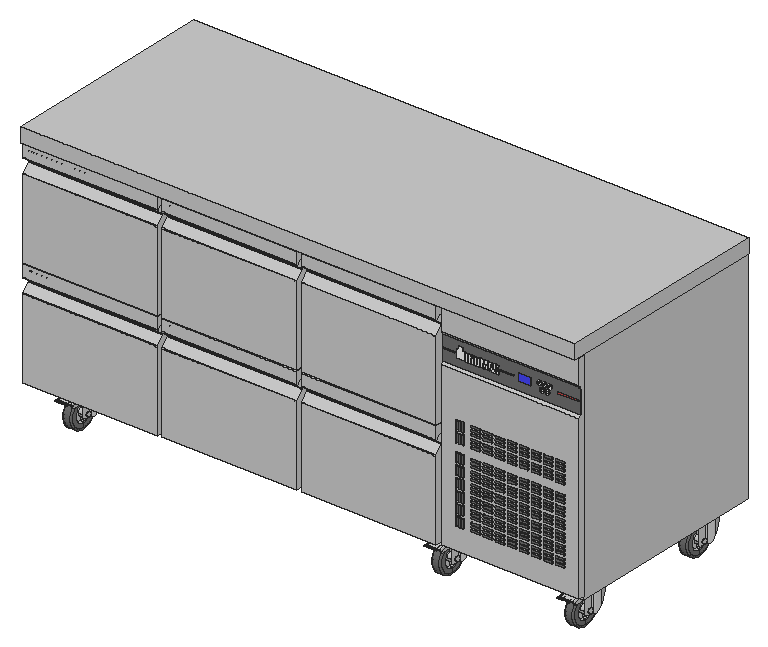
Revit family "QF_INOMAK_PNRP999_250513020157", category Specialty Equipment, Revit 2021 (continued)
Definition of nested family "QF_INOMAK_REF_COUNTERS_DOORS_DRAWERS_16448"
  Definition of nested family "4_Drawers_1-4"
    Forms (mm)
      Extrusion 1, solid, material <- "Finish", visible <- "4 Drawers"
        sketch origin (35, 0, -1) x (0, -1, 0) y (0, 0, 1)
          loop
            arc (690, 1037) -> (687.071, 1044.071) -> (680, 1047) r 10
        from 0 to -1130
      Extrusion 2, solid, visible <- "4 Drawers", detail levels coarse
        sketch origin (0, -640.463, 826.083) x (0, 1, 0) y (-1, 0, 0)
          loop
            line (-49.537, -35) -> (-624.537, -35) -> (-624.537, -1165) -> (-49.537, -1165) -> (-49.537, -35)
        from 0 to 219.917
      Extrusion 3, solid, visible <- "4 Drawers", detail levels coarse
        sketch origin (0, -700, 154) x (-1, 0, 0) y (0, 1, 0)
          loop
            line (-35, 10) -> (-1165, 10) -> (-1165, -565) -> (-35, -565) -> (-35, 10)
        from 0 to -219.583
      Extrusion 4, solid, material <- "Finish", visible <- "4 Drawers"
        sketch origin (35, 0, -440.333) x (0, -1, 0) y (0, 0, 1)
          loop
            line (680, 813.917) -> (670, 813.917) -> (670, 594.333) -> (690, 594.333) -> (690, 757.761)
            arc (690, 757.761) -> (689.115, 763.644) -> (686.539, 769.007) r 20
            line (686.539, 769.007) -> (673, 788.917) -> (673, 810.917) -> (680, 810.917)
            arc (680, 810.917) -> (684.95, 808.866) -> (687, 803.917) r 7
            line (687, 803.917) -> (687, 798.904) -> (690, 798.904) -> (690, 803.917)
            arc (690, 803.917) -> (687.071, 810.988) -> (680, 813.917) r 10
        from 0 to -1130
      Extrusion 5, solid, material <- "Finish", visible <- "4 Drawers"
        sketch origin (35, 0, -165.333) x (0, -1, 0) y (0, 0, 1)
          loop
            line (680, 987.75) -> (670, 987.75) -> (670, 767.167) -> (690, 767.167) -> (690, 931.594)
            arc (690, 931.594) -> (689.115, 937.478) -> (686.539, 942.84) r 20
            line (686.539, 942.84) -> (673, 962.75) -> (673, 984.75) -> (680, 984.75)
            arc (680, 984.75) -> (684.95, 982.7) -> (687, 977.75) r 7
            line (687, 977.75) -> (687, 972.738) -> (690, 972.738) -> (690, 977.75)
            arc (690, 977.75) -> (687.071, 984.821) -> (680, 987.75) r 10
        from 0 to -1130
      Extrusion 6, solid, material <- "Finish", visible <- "4 Drawers"
        sketch origin (35, 0, -330.333) x (0, -1, 0) y (0, 0, 1)
          loop
            line (680, 928.5) -> (670, 928.5) -> (670, 708.25) -> (690, 708.25) -> (690, 872.344)
            arc (690, 872.344) -> (689.115, 878.228) -> (686.539, 883.59) r 20
            line (686.539, 883.59) -> (673, 903.5) -> (673, 925.5) -> (680, 925.5)
            arc (680, 925.5) -> (684.95, 923.45) -> (687, 918.5) r 7
            line (687, 918.5) -> (687, 913.488) -> (690, 913.488) -> (690, 918.5)
            arc (690, 918.5) -> (687.071, 925.571) -> (680, 928.5) r 10
        from 0 to -1130
      Extrusion 7, solid, visible <- "4 Drawers", detail levels coarse
        sketch origin (0, -500.463, 601.833) x (0, 1, 0) y (-1, 0, 0)
          loop
            line (-189.537, -35) -> (-764.537, -35) -> (-764.537, -1165) -> (-189.537, -1165) -> (-189.537, -35)
        from 0 to 220.583
      Extrusion 8, solid, visible <- "4 Drawers", detail levels coarse
        sketch origin (0, -540.463, 377.917) x (0, 1, 0) y (-1, 0, 0)
          loop
            line (-149.537, -35) -> (-724.537, -35) -> (-724.537, -1165) -> (-149.537, -1165) -> (-149.537, -35)
        from 0 to 220.25
    Lines and regions (mm)
      symbolic lines, visible <- "4 Drawers"
        curve 1: line (35, -945, 900) -> (35, -985, 900)
        curve 2: line (35, -985, 900) -> (1165, -985, 900)
        curve 3: line (1165, -985, 900) -> (1165, -945, 900)
        curve 4: line (1165, -945, 900) -> (35, -945, 900)
        curve 5: line (1135, -945, 900) -> (1135, -845, 900)
        curve 6: line (65, -945, 900) -> (65, -845, 900)
        curve 7: line (35, -1085, 900) -> (35, -1125, 900)
        curve 8: line (35, -1125, 900) -> (1165, -1125, 900)
        curve 9: line (1165, -1125, 900) -> (1165, -1085, 900)
        curve 10: line (1165, -1085, 900) -> (35, -1085, 900)
        curve 11: line (1135, -1085, 900) -> (1135, -985, 900)
        curve 12: line (65, -1085, 900) -> (65, -985, 900)
        curve 13: line (35, -1225, 900) -> (35, -1265, 900)
        curve 14: line (35, -1265, 900) -> (1165, -1265, 900)
        curve 15: line (1165, -1265, 900) -> (1165, -1225, 900)
        curve 16: line (1165, -1225, 900) -> (35, -1225, 900)
        curve 17: line (1135, -1225, 900) -> (1135, -1125, 900)
        curve 18: line (65, -1225, 900) -> (65, -1125, 900)
        curve 19: line (35, -805, 900) -> (35, -845, 900)
        curve 20: line (35, -845, 900) -> (1165, -845, 900)
        curve 21: line (1165, -845, 900) -> (1165, -805, 900)
        curve 22: line (1165, -805, 900) -> (35, -805, 900)
        curve 23: line (65, -805, 900) -> (65, -700, 900)
        curve 24: line (1135, -805, 900) -> (1135, -700, 900)
    Dimensions and locks
      "Length Actual": plane 3 "Left" to plane 4 "Right"
      "Depth Actual": plane 5 "Front" to plane 1 "Back"
      "Height Actual": plane 6 "Top" to plane 8 "Legs top"
      "Front inset": plane 7 "Front legs" to plane 5 "Front"
      "Plinth height": plane 8 "Legs top" to plane 2
      "Rear inset": plane 9 "Backsplash thickness" to plane 1 "Back"
      "Right panel thickness": plane 11 "Right panel" to plane 4 "Right"
      "Left panel thickness": plane 3 "Left" to plane 10 "Left panel"
      locked: plane 14 to plane 15 at 3.667
      equal spacing: plane 14, plane 12, plane 15
      locked: plane 23 to plane 24 at 3.667
      equal spacing: plane 23, plane 22, plane 24
      "Bottom inset": plane 20 to plane 8 "Legs top"
      equal spacing: plane 19, plane 17, plane 18
      locked: plane 19 to plane 18 at 4.333
      equal spacing: plane 21, plane 17, plane 22, plane 12, plane 16
      locked: plane 13 to plane 16 at 2.5
      "Top inset": plane 13 to plane 6 "Top"
      locked: plane 21 to plane 20 at 2.5
      aligned and locked: level to plane 2
      aligned and locked: plane 7 "Front legs" to Extrusion 1 sketch curve  (x2)
      aligned and locked: Extrusion 1 to plane 11 "Right panel"
      aligned and locked: Extrusion 1 sketch curve to plane 13
      aligned and locked: Extrusion 1 sketch curve to plane 14
      aligned and locked: plane 10 "Left panel" to curve 1
      aligned and locked: plane 10 "Left panel" to curve 7
      aligned and locked: plane 10 "Left panel" to curve 13
      aligned and locked: Extrusion 2 sketch curve to plane 10 "Left panel"
      aligned and locked: plane 11 "Right panel" to Extrusion 2 sketch curve
      aligned and locked: Extrusion 3 sketch curve to plane 10 "Left panel"
      aligned and locked: plane 11 "Right panel" to Extrusion 3 sketch curve
      aligned and locked: Extrusion 2 to plane 13
      aligned and locked: Extrusion 3 to plane 19
      aligned and locked: plane 20 to Extrusion 4 sketch curve
      aligned and locked: Extrusion 4 to plane 11 "Right panel"
      aligned and locked: Extrusion 5 sketch curve to plane 15
      aligned and locked: plane 7 "Front legs" to Extrusion 5 sketch curve
      aligned and locked: Extrusion 5 sketch curve to plane 23
      aligned and locked: Extrusion 6 sketch curve to plane 24
      aligned and locked: plane 7 "Front legs" to Extrusion 6 sketch curve
      aligned and locked: Extrusion 6 sketch curve to plane 18
      aligned and locked: Extrusion 7 to plane 15
      aligned and locked: Extrusion 8 to plane 24
      aligned and locked: Extrusion 5 to plane 11 "Right panel"
      aligned and locked: Extrusion 6 to plane 11 "Right panel"
    Automatic sketch dimensions
      Extrusion 1 sketch curve to Extrusion 1 sketch curve = 0 mm  (x2)
      plane 7 "Front legs" to Extrusion 1 sketch curve = 3 mm
      plane 7 "Front legs" to Extrusion 1 sketch curve = 3.461 mm
      plane 7 "Front legs" to Extrusion 1 sketch curve = 10 mm
      Extrusion 1 sketch curve to Extrusion 1 sketch curve = 7 mm
      plane 7 "Front legs" to Extrusion 1 sketch curve = 20 mm  (x2)
      Extrusion 1 sketch curve to Extrusion 1 sketch curve = 46.156 mm
      Extrusion 1 sketch curve to Extrusion 1 sketch curve = 15 mm
      Extrusion 1 sketch curve to Extrusion 1 sketch curve = 5.012 mm
      Extrusion 2 sketch curve to plane 7 "Front legs" = 0 mm
      Extrusion 2 sketch curve to plane 5 "Front" = 565 mm
      Extrusion 3 sketch curve to plane 7 "Front legs" = 0 mm
      Extrusion 3 sketch curve to plane 5 "Front" = 565 mm
      Extrusion 5 sketch curve to Extrusion 5 sketch curve = 0 mm  (x2)
      Extrusion 5 sketch curve to plane 7 "Front legs" = 0 mm
      plane 7 "Front legs" to Extrusion 5 sketch curve = 3 mm
      plane 7 "Front legs" to Extrusion 5 sketch curve = 3.461 mm
      plane 7 "Front legs" to Extrusion 5 sketch curve = 10 mm
      Extrusion 5 sketch curve to Extrusion 5 sketch curve = 7 mm
      plane 7 "Front legs" to Extrusion 5 sketch curve = 20 mm  (x2)
      Extrusion 5 sketch curve to Extrusion 5 sketch curve = 46.156 mm
      Extrusion 5 sketch curve to Extrusion 5 sketch curve = 15 mm
      Extrusion 5 sketch curve to Extrusion 5 sketch curve = 5.012 mm
      Extrusion 6 sketch curve to Extrusion 6 sketch curve = 0 mm  (x2)
      Extrusion 6 sketch curve to plane 7 "Front legs" = 0 mm
      plane 7 "Front legs" to Extrusion 6 sketch curve = 3 mm
      plane 7 "Front legs" to Extrusion 6 sketch curve = 3.461 mm
      plane 7 "Front legs" to Extrusion 6 sketch curve = 10 mm
      Extrusion 6 sketch curve to Extrusion 6 sketch curve = 7 mm
      plane 7 "Front legs" to Extrusion 6 sketch curve = 20 mm  (x2)
      Extrusion 6 sketch curve to Extrusion 6 sketch curve = 46.156 mm
      Extrusion 6 sketch curve to Extrusion 6 sketch curve = 15 mm
      Extrusion 6 sketch curve to Extrusion 6 sketch curve = 5.012 mm
      curve 14 to plane 11 "Right panel" = 0 mm
      curve 8 to plane 11 "Right panel" = 0 mm
      curve 2 to plane 11 "Right panel" = 0 mm
      curve 21 to plane 11 "Right panel" = 0 mm
      curve 20 to plane 10 "Left panel" = 0 mm
      curve 23 to plane 5 "Front" = 0 mm
      curve 24 to plane 5 "Front" = 0 mm
      curve 21 to plane 5 "Front" = 105 mm
      curve 20 to curve 21 = 40 mm
      curve 3 to curve 20 = 100 mm
      curve 3 to curve 3 = 40 mm
      curve 10 to curve 1 = 100 mm
      curve 9 to curve 9 = 40 mm
      curve 15 to curve 8 = 100 mm
      curve 15 to curve 15 = 40 mm
      plane 11 "Right panel" to curve 24 = 30 mm
      curve 8 to curve 17 = 30 mm
      curve 11 to curve 17 = 0 mm
      curve 23 to plane 10 "Left panel" = 30 mm
      curve 12 to curve 6 = 0 mm
      curve 18 to curve 12 = 0 mm
      Extrusion 4 sketch curve to Extrusion 4 sketch curve = 0 mm  (x2)
      plane 19 to Extrusion 4 sketch curve = 0 mm
      Extrusion 4 sketch curve to plane 7 "Front legs" = 0 mm  (x2)
      plane 7 "Front legs" to Extrusion 4 sketch curve = 3 mm
      plane 7 "Front legs" to Extrusion 4 sketch curve = 3.461 mm
      plane 7 "Front legs" to Extrusion 4 sketch curve = 10 mm
      Extrusion 4 sketch curve to Extrusion 4 sketch curve = 7 mm
      plane 7 "Front legs" to Extrusion 4 sketch curve = 20 mm  (x2)
      Extrusion 4 sketch curve to Extrusion 4 sketch curve = 46.156 mm
      Extrusion 4 sketch curve to Extrusion 4 sketch curve = 15 mm
      Extrusion 4 sketch curve to Extrusion 4 sketch curve = 5.012 mm
      Extrusion 7 sketch curve to plane 10 "Left panel" = 0 mm
      Extrusion 7 sketch curve to plane 11 "Right panel" = 0 mm
      Extrusion 7 sketch curve to plane 7 "Front legs" = 0 mm
      Extrusion 7 sketch curve to plane 5 "Front" = 565 mm
      Extrusion 8 sketch curve to plane 10 "Left panel" = 0 mm
      Extrusion 8 sketch curve to plane 11 "Right panel" = 0 mm
      Extrusion 8 sketch curve to plane 7 "Front legs" = 0 mm
      Extrusion 8 sketch curve to plane 5 "Front" = 565 mm
      curve 6 to plane 10 "Left panel" = 30 mm
      curve 5 to curve 24 = 0 mm
  Definition of nested family "Hinged_Doors"
    Parameters (values of type "Hinged doors")
      URL = "www.specifiglobal.com"
      Top inset [instance] = 4 mm
      Right panel thickness [instance] = 35 mm
      Rear inset [instance] = 10 mm
      Plinth height [instance] = 150 mm
      Model = ""
      Manufacturer = "DEMO CONSULTANT"
      Length Actual [instance] = 1200 mm
      Left panel thickness [instance] = 35 mm
      Hinged doors [instance] = Doors drawers type = 3  # yes
      Height Actual [instance] = 900 mm
      Front inset [instance] = 10 mm
      Finish [instance] = none
      Doors drawers type [instance] = 3
      Description = ""
      Depth Actual [instance] = 700 mm
      Default Elevation = 0 mm
      Bottom inset [instance] = 4 mm
      Assembly Code = "E1090320"
    Reference planes
      plane 1 "Back": y = 0
      plane 2: z = 0
      plane 3 "Left": x = 0
      plane 4 "Right": x = 1200
      plane 5 "Front": y = -700
      plane 6 "Top": z = 1050
      plane 7 "Front legs": y = -690
      plane 8 "Legs top": z = 150
      plane 9 "Backsplash thickness": y = -10
      plane 10: x = 35
      plane 11: x = 1165
      plane 12 "Center Left-Right": x = 600
      plane 13: x = 597.5
      plane 14: x = 602.5
      plane 15: z = 154
      plane 16: z = 1046
    Forms (mm)
      Extrusion 1, solid, material <- "Finish", visible <- "Hinged doors"
        sketch origin (35, -2307.849, 4000) x (0, -1, 0) y (0, 0, 1)
          loop
            line (-1627.849, -2954) -> (-1637.849, -2954) -> (-1637.849, -3846) -> (-1617.849, -3846) -> (-1617.849, -3010.156)
            arc (-1617.849, -3010.156) -> (-1618.734, -3004.272) -> (-1621.31, -2998.91) r 20
            line (-1621.31, -2998.91) -> (-1634.849, -2979) -> (-1634.849, -2957) -> (-1627.849, -2957)
            arc (-1627.849, -2957) -> (-1622.899, -2959.05) -> (-1620.849, -2964) r 7
            line (-1620.849, -2964) -> (-1620.849, -2969.012) -> (-1617.849, -2969.012) -> (-1617.849, -2964)
            arc (-1617.849, -2964) -> (-1620.778, -2956.929) -> (-1627.849, -2954) r 10
        from 0 to -562.5
      Extrusion 2, solid, visible <- "Hinged doors", detail levels coarse
        sketch origin (0, -700, 154) x (-1, 0, 0) y (0, 1, 0)
          loop
            line (-35, 10) -> (-597.5, 10)
            arc (-597.5, 10) -> (-432.748, -387.748) -> (-35, -552.5) r 562.5
            line (-35, -552.5) -> (-35, 10)
        from 0 to -892
      Extrusion 3, solid, material <- "Finish", visible <- "Hinged doors"
        sketch origin (1165, -2312.576, 4000) x (0, -1, 0) y (0, 0, 1)
          loop
            line (-1632.576, -2954) -> (-1642.576, -2954) -> (-1642.576, -3846) -> (-1622.576, -3846) -> (-1622.576, -3010.156)
            arc (-1622.576, -3010.156) -> (-1623.46, -3004.272) -> (-1626.037, -2998.91) r 20
            line (-1626.037, -2998.91) -> (-1639.576, -2979) -> (-1639.576, -2957) -> (-1632.576, -2957)
            arc (-1632.576, -2957) -> (-1627.626, -2959.05) -> (-1625.576, -2964) r 7
            line (-1625.576, -2964) -> (-1625.576, -2969.012) -> (-1622.576, -2969.012) -> (-1622.576, -2964)
            arc (-1622.576, -2964) -> (-1625.504, -2956.929) -> (-1632.576, -2954) r 10
        from 0 to 562.5
      Extrusion 4, solid, visible <- "Hinged doors", detail levels coarse
        sketch origin (0, -700, 154) x (-1, 0, 0) y (0, 1, 0)
          loop
            line (-1165, 10) -> (-1165, -552.5)
            arc (-1165, -552.5) -> (-767.252, -387.748) -> (-602.5, 10) r 562.5
            line (-602.5, 10) -> (-1165, 10)
        from 0 to -892
    Lines and regions (mm)
      symbolic lines, visible <- "Hinged doors"
        curve 1: line (35, -700, 150) -> (35, -1252.5, 150)
        curve 2: arc (35, -1252.5, 150) -> (429.196, -1091.268, 150) -> (597.411, -700, 150) r 562.5
        curve 3: arc (602.589, -700, 150) -> (770.804, -1091.268, 150) -> (1165, -1252.5, 150) r 562.5
        curve 4: line (1165, -1252.5, 150) -> (1165, -700, 150)
    Dimensions and locks
      "Length Actual": plane 3 "Left" to plane 4 "Right"
      "Depth Actual": plane 5 "Front" to plane 1 "Back"
      "Height Actual": plane 6 "Top" to plane 8 "Legs top"
      "Front inset": plane 7 "Front legs" to plane 5 "Front"
      "Plinth height": plane 8 "Legs top" to plane 2
      "Rear inset": plane 9 "Backsplash thickness" to plane 1 "Back"
      "Right panel thickness": plane 11 to plane 4 "Right"
      "Left panel thickness": plane 3 "Left" to plane 10
      equal spacing: plane 10, plane 12 "Center Left-Right", plane 11
      plane 13 to plane 12 "Center Left-Right" = 2.5 mm
      plane 12 "Center Left-Right" to plane 14 = 2.5 mm
      "Bottom inset": plane 15 to plane 8 "Legs top"
      "Top inset": plane 16 to plane 6 "Top"
      aligned and locked: level to plane 2
      aligned and locked: Extrusion 1 to plane 13
      aligned and locked: plane 10 to Extrusion 2 sketch curve
      aligned and locked: plane 13 to Extrusion 2 sketch curve
      aligned and locked: plane 7 "Front legs" to Extrusion 2 sketch curve  (x2)
      aligned and locked: plane 14 to Extrusion 3
      aligned and locked: Extrusion 2 to curve 1
      aligned and locked: curve 2 to Extrusion 2
      aligned and locked: curve 3 to Extrusion 4
      aligned and locked: curve 4 to Extrusion 4
      aligned and locked: plane 5 "Front" to curve 1
      aligned and locked: plane 5 "Front" to curve 2
      aligned and locked: plane 5 "Front" to curve 3
      aligned and locked: plane 5 "Front" to curve 4
      aligned and locked: Extrusion 4 to plane 16
      aligned and locked: Extrusion 2 to plane 16
      aligned and locked: Extrusion 1 sketch curve to plane 16
      aligned and locked: Extrusion 1 sketch curve to plane 15
      aligned and locked: Extrusion 3 sketch curve to plane 15
      aligned and locked: Extrusion 3 sketch curve to plane 16
    Automatic sketch dimensions
      Extrusion 1 sketch curve to Extrusion 1 sketch curve = 0 mm  (x2)
      Extrusion 1 sketch curve to plane 7 "Front legs" = 0 mm  (x2)
      plane 7 "Front legs" to Extrusion 1 sketch curve = 3 mm
      plane 7 "Front legs" to Extrusion 1 sketch curve = 3.461 mm
      plane 7 "Front legs" to Extrusion 1 sketch curve = 10 mm
      Extrusion 1 sketch curve to Extrusion 1 sketch curve = 7 mm
      plane 7 "Front legs" to Extrusion 1 sketch curve = 20 mm  (x2)
      Extrusion 1 sketch curve to Extrusion 1 sketch curve = 46.156 mm
      Extrusion 1 sketch curve to Extrusion 1 sketch curve = 15 mm
      Extrusion 1 sketch curve to Extrusion 1 sketch curve = 5.012 mm
      Extrusion 3 sketch curve to Extrusion 3 sketch curve = 0 mm  (x2)
      Extrusion 3 sketch curve to plane 7 "Front legs" = 0 mm  (x2)
      Extrusion 3 sketch curve to Extrusion 3 sketch curve = 3 mm
      plane 7 "Front legs" to Extrusion 3 sketch curve = 3.461 mm
      plane 7 "Front legs" to Extrusion 3 sketch curve = 10 mm
      Extrusion 3 sketch curve to Extrusion 3 sketch curve = 7 mm
      Extrusion 3 sketch curve to Extrusion 3 sketch curve = 16.539 mm
      Extrusion 3 sketch curve to Extrusion 3 sketch curve = 20 mm
      Extrusion 3 sketch curve to Extrusion 3 sketch curve = 46.156 mm
      Extrusion 3 sketch curve to Extrusion 3 sketch curve = 15 mm
      Extrusion 3 sketch curve to Extrusion 3 sketch curve = 5.012 mm
      Extrusion 4 sketch curve to plane 11 = 0 mm
      Extrusion 4 sketch curve to plane 7 "Front legs" = 0 mm
      Extrusion 4 sketch curve to plane 14 = 0 mm
  Definition of nested family "Hopper"
    Parameters (values of type "Hopper")
      URL = "www.specifiglobal.com"
      Top inset [instance] = 4 mm
      Right panel thickness [instance] = 35 mm
      Rear inset [instance] = 10 mm
      Plinth height [instance] = 150 mm
      Model = ""
      Manufacturer = "DEMO CONSULTANT"
      Length Actual [instance] = 700 mm
      Left panel thickness [instance] = 35 mm
      Hopper [instance] = Doors drawers type = 10  # yes
      Height Actual [instance] = 900 mm
      Front inset [instance] = 10 mm
      Finish [instance] = none
      Doors drawers type [instance] = 10
      Description = ""
      Depth Actual [instance] = 700 mm
      Default Elevation = 0 mm
      Bottom inset [instance] = 4 mm
      Assembly Code = "E1090320"
      2 Drawers = yes
    Reference planes
      plane 1 "Back": y = 0
      plane 2: z = 0
      plane 3 "Left": x = 0
      plane 4 "Right": x = 700
      plane 5 "Front": y = -700
      plane 6 "Top": z = 1050
      plane 7 "Front legs": y = -690
      plane 8 "Legs top": z = 150
      plane 9 "Backsplash thickness": y = -10
      plane 10 "Left panel": x = 35
      plane 11 "Right panel": x = 665
      plane 12: z = 1046
      plane 13: z = 154
    Forms (mm)
      Extrusion 1, solid, material <- "Finish", visible <- "Hopper"
        sketch origin (35, 0, 0) x (0, -1, 0) y (0, 0, 1)
          loop
            line (690, 154) -> (690, 960.365)
            arc (690, 960.365) -> (689.866, 961.037) -> (689.485, 961.607) r 1.757
            line (689.485, 961.607) -> (666.663, 984.429)
            arc (666.663, 984.429) -> (665.976, 985.458) -> (665.734, 986.672) r 3.172
            line (665.734, 986.672) -> (665.734, 1013.576)
            arc (665.734, 1013.576) -> (666.433, 1015.262) -> (668.119, 1015.961) r 2.385
            line (668.119, 1015.961) -> (680.029, 1015.961) -> (686.544, 1006.657)
            arc (686.544, 1006.657) -> (688.671, 1005.935) -> (690, 1007.747) r 1.9
            line (690, 1007.747) -> (690, 1046) -> (648, 1046) -> (648, 154) -> (690, 154)
        from 0 to -630
      Extrusion 2, solid, visible <- "Hopper", detail levels coarse
        sketch origin (35, 0, 0) x (0, -1, 0) y (0, 0, 1)
          loop
            line (690, 154) -> (1265, 154) -> (1265, 1046) -> (690, 1046) -> (690, 154)
        from 0 to -630
    Lines and regions (mm)
      symbolic lines, visible <- "Hopper"
        curve 1: line (35, -1225, 900) -> (35, -1265, 900)
        curve 2: line (35, -1265, 900) -> (665, -1265, 900)
        curve 3: line (665, -1265, 900) -> (665, -1225, 900)
        curve 4: line (665, -1225, 900) -> (35, -1225, 900)
        curve 5: line (635, -1225, 900) -> (635, -700, 900)
        curve 6: line (65, -1225, 900) -> (65, -700, 900)
    Dimensions and locks
      "Length Actual": plane 3 "Left" to plane 4 "Right"
      "Depth Actual": plane 5 "Front" to plane 1 "Back"
      "Height Actual": plane 6 "Top" to plane 8 "Legs top"
      "Front inset": plane 7 "Front legs" to plane 5 "Front"
      "Plinth height": plane 8 "Legs top" to plane 2
      "Rear inset": plane 9 "Backsplash thickness" to plane 1 "Back"
      "Right panel thickness": plane 11 "Right panel" to plane 4 "Right"
      "Left panel thickness": plane 3 "Left" to plane 10 "Left panel"
      "Top inset": plane 12 to plane 6 "Top"
      "Bottom inset": plane 13 to plane 8 "Legs top"
      aligned and locked: level to plane 2
      aligned and locked: Extrusion 1 to plane 11 "Right panel"
      aligned and locked: Extrusion 2 to plane 11 "Right panel"
      aligned and locked: plane 10 "Left panel" to Extrusion 2
      aligned and locked: Extrusion 1 sketch curve to plane 12
      aligned and locked: Extrusion 1 sketch curve to Extrusion 2
      aligned and locked: Extrusion 1 sketch curve to plane 13
    Automatic sketch dimensions
      Extrusion 1 sketch curve to Extrusion 1 sketch curve = 17.734 mm
      Extrusion 1 sketch curve to Extrusion 1 sketch curve = 0.929 mm
      Extrusion 1 sketch curve to Extrusion 1 sketch curve = 2.385 mm
      Extrusion 1 sketch curve to Extrusion 1 sketch curve = 3.172 mm
      Extrusion 1 sketch curve to Extrusion 1 sketch curve = 11.91 mm
      Extrusion 1 sketch curve to Extrusion 1 sketch curve = 6.515 mm
      Extrusion 1 sketch curve to Extrusion 1 sketch curve = 1.556 mm
      Extrusion 1 sketch curve to Extrusion 1 sketch curve = 21.58 mm
      Extrusion 1 sketch curve to Extrusion 1 sketch curve = 1.242 mm
      Extrusion 1 sketch curve to Extrusion 1 sketch curve = 1.9 mm
      Extrusion 1 sketch curve to Extrusion 1 sketch curve = 0.515 mm
      Extrusion 1 sketch curve to Extrusion 1 sketch curve = 22.822 mm
      Extrusion 1 sketch curve to Extrusion 1 sketch curve = 19.985 mm
      Extrusion 1 sketch curve to Extrusion 1 sketch curve = 6.919 mm
      Extrusion 1 sketch curve to Extrusion 1 sketch curve = 30.039 mm
      Extrusion 2 sketch curve to plane 7 "Front legs" = 0 mm
      plane 13 to Extrusion 2 sketch curve = 0 mm
      plane 12 to Extrusion 2 sketch curve = 0 mm
      Extrusion 2 sketch curve to plane 5 "Front" = 565 mm
      curve 1 to plane 10 "Left panel" = 0 mm
      curve 2 to plane 11 "Right panel" = 0 mm
      curve 6 to plane 5 "Front" = 0 mm
      curve 5 to plane 5 "Front" = 0 mm
      curve 4 to plane 5 "Front" = 525 mm
      curve 3 to curve 3 = 40 mm
      plane 11 "Right panel" to curve 5 = 30 mm
      curve 6 to plane 10 "Left panel" = 30 mm
Definition of nested family "QF_INOMAK_REF_COUNTERS_DOORS_DRAWERS_25919"
  Parameters (values of type "DR-LX-710")
    Weight [instance] = 0.00 kg
    Warranty Start Date [instance] = ""
    Warranty Duration [instance] = ""
    URL Cutsheet [instance] = ""
    URL = "www.inomak.com"
    Top inset [instance] = 10 mm
    Technical Documentation [instance] = ""
    Tag Number [instance] = ""
    Status [instance] = ""
    Specification by User [instance] = ""
    Specification by Manufacturer [instance] = ""
    Sound Level [instance] = ""
    Solid Fuel Type [instance] = ""
    Show Logo [instance] = yes
    Show Clearances [instance] = yes
    Service Life Duration [instance] = ""
    Serial Number [instance] = ""
    Seismic Rating [instance] = ""
    SMACNA No [instance] = ""
    Right panel thickness [instance] = 0 mm
    Revision Code [instance] = ""
    Revision [instance] = ""
    Rear inset [instance] = 0 mm
    Production Year [instance] = ""
    Point Load [instance] = 0
    Plinth height [instance] = 0 mm
    Other Equipment Approvals [instance] = ""
    NAFEM Spec ID Number [instance] = ""
    Model Warning [instance] = ""
    Model = "DR-LX-710"
    Masterspec [instance] = ""
    Manufacturer = "INOMAK"
    Length Actual [instance] = 435 mm
    Left panel thickness [instance] = 0 mm
    Item Number [instance] = ""
    Installed By [instance] = ""
    Installation Date [instance] = ""
    Identify Quantity as Lot [instance] = yes
    ID [instance] = ""
    Hygiene Approval [instance] = ""
    Height Actual [instance] = 710 mm
    Furnished By [instance] = ""
    Front inset [instance] = 10 mm
    Foodservice Equipment Identifier [instance] = yes
    Finish [instance] = none
    ETL Approved [instance] = yes
    Doors drawers type [instance] = 8
    Description = "LEFT HINGED DOOR"
    Depth Actual [instance] = 700 mm
    Default Elevation = 0 mm
    CSI MasterFormat [instance] = ""
    CE Approved [instance] = yes
    Bottom inset [instance] = 10 mm
    Barcode [instance] = ""
    Author [instance] = ""
    Asset Identifier [instance] = ""
    Assembly Code = "E1090320"
    Accessory [instance] = yes
  Types (9, lengths in mm): name | Model | Height Actual | Doors drawers type | Description
    DW-2-710 | "DW-2-710" | 710 | 4 | "2 X GN 1/2 DRAWERS"
    DR-LX-710 | "DR-LX-710" | 710 | 8 | "LEFT HINGED DOOR"
    DR-RX-710 | "DR-RX-710" | 710 | 9 | "RIGHT HINGED DOOR"
    DW-3-710 | "DW-3-710" | 710 | 6 | "3 X GN 1/3 DRAWERS"
    DW-B-710 | "DW-B-710" | 710 | 5 | "1 X GN 1/3 & 1 X GN 2/3 DRAWERS"
    DW-2-483 | "DW-2-483" | 483 | 4 | "2 X GN 1/3 DRAWERS"
    DR-LX-483 | "DR-LX-483" | 483 | 8 | "LEFT HINGED DOOR"
    DR-RX-483 | "DR-RX-483" | 483 | 9 | "RIGHT HINGED DOOR"
    DW-1-483 | "DW-1-483" | 483 | 10 | "1 X GN 2/3 DRAWER"
  Reference planes
    plane 1 "Front": y = 0
    plane 2: z = 0
    plane 3 "Left": x = 0
    plane 4 "Right": x = 435
    plane 5 "Back": y = 700
    plane 6 "Top": z = 710
    plane 7 "Bottom shelf": z = 0
    plane 8: z = 700
    plane 9: z = 10
    plane 10: x = 0
    plane 11: x = 435
    plane 12 "Center Top Bottom": z = 355
  Lines and regions (mm)
    reference lines
      curve 1: line (0, 0, 355) -> (0, 25, 355)
      curve 2: line (435, 0, 355) -> (435, 25, 355)
      curve 3: line (0, 700, 355) -> (435, 700, 355)
      curve 4: line (0, 0, 355) -> (435, 0, 355)
  Dimensions and locks
    "Length Actual": plane 3 "Left" to plane 4 "Right"
    "Depth Actual": plane 1 "Front" to plane 5 "Back"
    "Height Actual": plane 6 "Top" to plane 7 "Bottom shelf"
    "Plinth height": plane 7 "Bottom shelf" to plane 2
    "Top inset": plane 6 "Top" to plane 8
    "Bottom inset": plane 9 to plane 7 "Bottom shelf"
    "Left panel thickness": plane 3 "Left" to plane 10
    "Right panel thickness": plane 11 to plane 4 "Right"
    equal spacing: plane 6 "Top", plane 12 "Center Top Bottom", plane 7 "Bottom shelf"
    "Length Actual": curve 1 to plane 4 "Right"
    "Length Actual": plane 3 "Left" to curve 2
    "Depth Actual": plane 1 "Front" to curve 3
    "Depth Actual": plane 5 "Back" to curve 4
    aligned and locked: level to plane 2
    aligned and locked: plane 3 "Left" to nested 1
    aligned and locked: plane 3 "Left" to nested 2
    aligned and locked: plane 3 "Left" to nested 3
    aligned and locked: plane 3 "Left" to nested 4
    aligned and locked: plane 3 "Left" to nested 5
    aligned and locked: plane 3 "Left" to nested 6
    aligned and locked: plane 3 "Left" to nested 7
    aligned and locked: plane 3 "Left" to nested 8
    aligned and locked: plane 3 "Left" to nested 9
    aligned and locked: nested 4 to plane 1 "Front"
    aligned and locked: nested 6 to plane 1 "Front"
    aligned and locked: nested 8 to plane 1 "Front"
    aligned and locked: nested 5 to plane 1 "Front"
    aligned and locked: nested 3 to plane 1 "Front"
    aligned and locked: nested 7 to plane 1 "Front"
    aligned and locked: nested 2 to plane 1 "Front"
    aligned and locked: nested 1 to plane 1 "Front"
    aligned and locked: nested 9 to plane 1 "Front"
  Automatic sketch dimensions
    curve 3 to plane 4 "Right" = 0 mm
    curve 3 to plane 3 "Left" = 0 mm
    curve 2 to curve 2 = 25 mm
    curve 1 to curve 1 = 25 mm
  Nested families
    nested 1: "Right_Door" at (0, 700, 0), Depth Actual <- "Depth Actual", Height Actual <- "Height Actual", Length Actual <- "Length Actual", Front inset <- "Front inset", Rear inset <- "Rear inset", Left panel thickness <- "Left panel thickness", Right panel thickness <- "Right panel thickness", Doors drawers type <- "Doors drawers type", Plinth height <- "Plinth height", Top inset <- "Top inset", Bottom inset <- "Bottom inset", type "Right door"
      with Top inset 10 mm, Right panel thickness 0 mm, Right hand hinged door no, Rear inset 0 mm, Plinth height 0 mm, Length Actual 435 mm, Left panel thickness 0 mm, Height Actual 710 mm, Front inset 10 mm, Doors drawers type 8, Depth Actual 700 mm, Bottom inset 10 mm
    nested 2: "Left_Door" at (0, 700, 0), Depth Actual <- "Depth Actual", Height Actual <- "Height Actual", Length Actual <- "Length Actual", Front inset <- "Front inset", Rear inset <- "Rear inset", Left panel thickness <- "Left panel thickness", Right panel thickness <- "Right panel thickness", Doors drawers type <- "Doors drawers type", Plinth height <- "Plinth height", Top inset <- "Top inset", Bottom inset <- "Bottom inset", type "Left door"
      with Top inset 10 mm, Right panel thickness 0 mm, Rear inset 0 mm, Plinth height 0 mm, Length Actual 435 mm, Left panel thickness 0 mm, Left hand hinged door yes, Height Actual 710 mm, Front inset 10 mm, Doors drawers type 8, Depth Actual 700 mm, Bottom inset 10 mm
    nested 3: "3_Drawers_1-3" at (0, 700, 0), Depth Actual <- "Depth Actual", Height Actual <- "Height Actual", Length Actual <- "Length Actual", Front inset <- "Front inset", Rear inset <- "Rear inset", Left panel thickness <- "Left panel thickness", Right panel thickness <- "Right panel thickness", Doors drawers type <- "Doors drawers type", Plinth height <- "Plinth height", Top inset <- "Top inset", Bottom inset <- "Bottom inset", type "3 Drawers 1-3"
      with Top inset 10 mm, Right panel thickness 0 mm, Rear inset 0 mm, Plinth height 0 mm, Length Actual 435 mm, Left panel thickness 0 mm, Height Actual 710 mm, Front inset 10 mm, Doors drawers type 8, Depth Actual 700 mm, Bottom inset 10 mm, 3 Drawers no
    nested 4: "2_Drawers_1-2" at (0, 700, 0), Depth Actual <- "Depth Actual", Height Actual <- "Height Actual", Length Actual <- "Length Actual", Front inset <- "Front inset", Rear inset <- "Rear inset", Left panel thickness <- "Left panel thickness", Right panel thickness <- "Right panel thickness", Doors drawers type <- "Doors drawers type", Plinth height <- "Plinth height", Top inset <- "Top inset", Bottom inset <- "Bottom inset", type "2 Drawers 1-2"
      with Top inset 10 mm, Right panel thickness 0 mm, Rear inset 0 mm, Plinth height 0 mm, Length Actual 435 mm, Left panel thickness 0 mm, Height Actual 710 mm, Front inset 10 mm, Doors drawers type 8, Depth Actual 700 mm, Bottom inset 10 mm, 2 Drawers no
    nested 5: "2_Drawers_1-3_2-3" at (0, 700, 0), Depth Actual <- "Depth Actual", Height Actual <- "Height Actual", Length Actual <- "Length Actual", Front inset <- "Front inset", Rear inset <- "Rear inset", Left panel thickness <- "Left panel thickness", Right panel thickness <- "Right panel thickness", Doors drawers type <- "Doors drawers type", Plinth height <- "Plinth height", Top inset <- "Top inset", Bottom inset <- "Bottom inset", type "2 Drawers 1-3 and 2-3"
      with Top inset 10 mm, Right panel thickness 0 mm, Rear inset 0 mm, Plinth height 0 mm, Length Actual 435 mm, Left panel thickness 0 mm, Height Actual 710 mm, Front inset 10 mm, Doors drawers type 8, Depth Actual 700 mm, Bottom inset 10 mm, 2 Drawers 1-3 and 2-3 no
    nested 6: "Sliding_Doors" at (0, 700, 0), Depth Actual <- "Depth Actual", Height Actual <- "Height Actual", Length Actual <- "Length Actual", Front inset <- "Front inset", Rear inset <- "Rear inset", Left panel thickness <- "Left panel thickness", Right panel thickness <- "Right panel thickness", Doors drawers type <- "Doors drawers type", Plinth height <- "Plinth height", Top inset <- "Top inset", Bottom inset <- "Bottom inset", Finish <- "Finish", type "Sliding doors"
      with Top inset 10 mm, Sliding doors no, Right panel thickness 0 mm, Rear inset 0 mm, Plinth height 0 mm, Length Actual 435 mm, Left panel thickness 0 mm, Height Actual 710 mm, Front inset 10 mm, Finish none, Doors drawers type 8, Depth Actual 700 mm, Bottom inset 10 mm
    nested 7: "4_Drawers_1-4" at (0, 700, 0), Depth Actual <- "Depth Actual", Height Actual <- "Height Actual", Length Actual <- "Length Actual", Front inset <- "Front inset", Rear inset <- "Rear inset", Left panel thickness <- "Left panel thickness", Right panel thickness <- "Right panel thickness", Doors drawers type <- "Doors drawers type", Plinth height <- "Plinth height", Top inset <- "Top inset", Bottom inset <- "Bottom inset", Finish <- "Finish", type "4 Drawers 1-4"
      with Top inset 10 mm, Right panel thickness 0 mm, Rear inset 0 mm, Plinth height 0 mm, Length Actual 435 mm, Left panel thickness 0 mm, Height Actual 710 mm, Front inset 10 mm, Finish none, Doors drawers type 8, Depth Actual 700 mm, Bottom inset 10 mm, 4 Drawers no
    nested 8: "Hinged_Doors" at (0, 700, 0), Length Actual <- "Length Actual", Depth Actual <- "Depth Actual", Height Actual <- "Height Actual", Front inset <- "Front inset", Rear inset <- "Rear inset", Left panel thickness <- "Left panel thickness", Right panel thickness <- "Right panel thickness", Doors drawers type <- "Doors drawers type", Plinth height <- "Plinth height", Top inset <- "Top inset", Bottom inset <- "Bottom inset", Finish <- "Finish", type "Hinged doors"
      with Top inset 10 mm, Right panel thickness 0 mm, Rear inset 0 mm, Plinth height 0 mm, Length Actual 435 mm, Left panel thickness 0 mm, Hinged doors no, Height Actual 710 mm, Front inset 10 mm, Finish none, Doors drawers type 8, Depth Actual 700 mm, Bottom inset 10 mm
    nested 9: "Hopper" at (0, 700, 1.284), Length Actual <- "Length Actual", Depth Actual <- "Depth Actual", Height Actual <- "Height Actual", Front inset <- "Front inset", Rear inset <- "Rear inset", Left panel thickness <- "Left panel thickness", Right panel thickness <- "Right panel thickness", Doors drawers type <- "Doors drawers type", Plinth height <- "Plinth height", Top inset <- "Top inset", Bottom inset <- "Bottom inset", Finish <- "Finish", type "Hopper"
      with Top inset 10 mm, Right panel thickness 0 mm, Rear inset 0 mm, Plinth height 0 mm, Length Actual 435 mm, Left panel thickness 0 mm, Hopper no, Height Actual 710 mm, Front inset 10 mm, Finish none, Doors drawers type 8, Depth Actual 700 mm, Bottom inset 10 mm
  Definition of nested family "Left_Door"
    Parameters (values of type "Left door")
      URL = "www.specifiglobal.com"
      Top inset [instance] = 10 mm
      Right panel thickness [instance] = 0 mm
      Rear inset [instance] = 0 mm
      Plinth height [instance] = 150 mm
      Model = ""
      Manufacturer = "DEMO CONSULTANT"
      Length Actual [instance] = 700 mm
      Left panel thickness [instance] = 0 mm
      Left hand hinged door [instance] = Doors drawers type = 8  # yes
      Height Actual [instance] = 710 mm
      Front inset [instance] = 10 mm
      Finish = none
      Doors drawers type [instance] = 8
      Description = ""
      Depth Actual [instance] = 700 mm
      Default Elevation = 0 mm
      Bottom inset [instance] = 0 mm
      Assembly Code = "E1090320"
    Reference planes
      plane 1 "Back": y = 0
      plane 2: z = 0
      plane 3 "Left": x = 0
      plane 4 "Right": x = 700
      plane 5 "Front": y = -700
      plane 6 "Top": z = 860
      plane 7 "Front legs": y = -690
      plane 8 "Legs top": z = 150
      plane 9 "Backsplash thickness": y = 0
      plane 10 "Left panel": x = 0
      plane 11 "Right panel": x = 700
      plane 12: z = 850
      plane 13: z = 150
    Forms (mm)
      Extrusion 1, solid, material <- "Finish", visible <- "Left hand hinged door"
        sketch origin (0, 0, 0) x (0, -1, 0) y (0, 0, 1)
          loop
            line (690, 150) -> (690, 764.365)
            arc (690, 764.365) -> (689.866, 765.037) -> (689.485, 765.607) r 1.757
            line (689.485, 765.607) -> (666.663, 788.429)
            arc (666.663, 788.429) -> (665.976, 789.458) -> (665.734, 790.672) r 3.172
            line (665.734, 790.672) -> (665.734, 817.576)
            arc (665.734, 817.576) -> (666.433, 819.262) -> (668.119, 819.961) r 2.385
            line (668.119, 819.961) -> (680.029, 819.961) -> (686.544, 810.657)
            arc (686.544, 810.657) -> (688.671, 809.935) -> (690, 811.747) r 1.9
            line (690, 811.747) -> (690, 850) -> (648, 850) -> (648, 150) -> (690, 150)
        from 0 to -700
      Extrusion 2, solid, visible <- "Left hand hinged door", detail levels coarse
        sketch origin (0, -700, 150) x (-1, 0, 0) y (0, 1, 0)
          loop
            arc (-700, 10) -> (-495.871, -481.066) -> (0, -673.23) r 677.11
            line (0, -673.23) -> (0, 10) -> (-700, 10)
        from 0 to -700
    Lines and regions (mm)
      symbolic lines, visible <- "Left hand hinged door"
        curve 1: line (0, -700, 150) -> (0, -1373.247, 150)
        curve 2: arc (0, -1373.247, 150) -> (492.316, -1184.595, 150) -> (700, -700, 150) r 676.963
    Dimensions and locks
      "Length Actual": plane 3 "Left" to plane 4 "Right"
      "Depth Actual": plane 5 "Front" to plane 1 "Back"
      "Height Actual": plane 6 "Top" to plane 8 "Legs top"
      "Front inset": plane 7 "Front legs" to plane 5 "Front"
      "Plinth height": plane 8 "Legs top" to plane 2
      "Rear inset": plane 9 "Backsplash thickness" to plane 1 "Back"
      "Right panel thickness": plane 11 "Right panel" to plane 4 "Right"
      "Left panel thickness": plane 3 "Left" to plane 10 "Left panel"
      "Top inset": plane 6 "Top" to plane 12
      "Bottom inset": plane 13 to plane 8 "Legs top"
      aligned and locked: level to plane 2
      aligned and locked: Extrusion 1 to plane 11 "Right panel"
      aligned and locked: plane 10 "Left panel" to Extrusion 2 sketch curve
      aligned and locked: plane 11 "Right panel" to Extrusion 2 sketch curve
      aligned and locked: Extrusion 2 sketch curve to plane 10 "Left panel"
      aligned and locked: plane 7 "Front legs" to Extrusion 2 sketch curve
      aligned and locked: plane 7 "Front legs" to Extrusion 2
      aligned and locked: plane 10 "Left panel" to Extrusion 2
      aligned and locked: Extrusion 2 to plane 12
      aligned and locked: Extrusion 1 sketch curve to plane 13
      aligned and locked: Extrusion 1 sketch curve to plane 7 "Front legs"
      aligned and locked: Extrusion 1 sketch curve to plane 12
    Automatic sketch dimensions
      Extrusion 1 sketch curve to Extrusion 1 sketch curve = 1.556 mm
      Extrusion 1 sketch curve to Extrusion 1 sketch curve = 11.91 mm
      Extrusion 1 sketch curve to Extrusion 1 sketch curve = 2.243 mm
      Extrusion 1 sketch curve to Extrusion 1 sketch curve = 2.385 mm
      Extrusion 1 sketch curve to Extrusion 1 sketch curve = 20.119 mm
      Extrusion 1 sketch curve to Extrusion 1 sketch curve = 22.822 mm
      Extrusion 1 sketch curve to Extrusion 1 sketch curve = 19.985 mm
      Extrusion 1 sketch curve to Extrusion 1 sketch curve = 6.919 mm
      Extrusion 1 sketch curve to Extrusion 1 sketch curve = 30.039 mm
      plane 7 "Front legs" to Extrusion 1 sketch curve = 42 mm
      Extrusion 1 sketch curve to Extrusion 1 sketch curve = 0.929 mm
      Extrusion 1 sketch curve to Extrusion 1 sketch curve = 6.515 mm
      Extrusion 1 sketch curve to Extrusion 1 sketch curve = 1.242 mm
      Extrusion 1 sketch curve to Extrusion 1 sketch curve = 1.9 mm
      Extrusion 1 sketch curve to Extrusion 1 sketch curve = 0.515 mm
      plane 5 "Front" to Extrusion 2 sketch curve = 3.492 mm
      plane 3 "Left" to Extrusion 2 sketch curve = 22.921 mm
      curve 1 to plane 3 "Left" = 0 mm
      curve 2 to plane 4 "Right" = 0 mm
      curve 2 to plane 5 "Front" = 0 mm
      curve 1 to plane 5 "Front" = 0 mm
      plane 5 "Front" to curve 2 = 3.324 mm
      plane 3 "Left" to curve 2 = 23.045 mm
  Definition of nested family "Right_Door"
    Parameters (values of type "Right door")
      URL = "www.specifiglobal.com"
      Top inset [instance] = 4 mm
      Right panel thickness [instance] = 35 mm
      Right hand hinged door [instance] = Doors drawers type = 9  # yes
      Rear inset [instance] = 10 mm
      Plinth height [instance] = 150 mm
      Model = ""
      Manufacturer = "DEMO CONSULTANT"
      Length Actual [instance] = 1700 mm
      Left panel thickness [instance] = 35 mm
      Height Actual [instance] = 900 mm
      Front inset [instance] = 10 mm
      Finish = none
      Doors drawers type [instance] = 9
      Description = ""
      Depth Actual [instance] = 700 mm
      Default Elevation = 0 mm
      Bottom inset [instance] = 4 mm
      Assembly Code = "E1090320"
    Reference planes
      plane 1 "Back": y = 0
      plane 2: z = 0
      plane 3 "Left": x = 0
      plane 4 "Right": x = 1700
      plane 5 "Front": y = -700
      plane 6 "Top": z = 1050
      plane 7 "Front legs": y = -690
      plane 8 "Legs top": z = 150
      plane 9 "Backsplash thickness": y = -10
      plane 10 "Left panel": x = 35
      plane 11 "Right panel": x = 1665
      plane 12: z = 1046
      plane 13: z = 154
    Forms (mm)
      Extrusion 1, solid, material <- "Finish", visible <- "Right hand hinged door"
        sketch origin (35, 0, 0) x (0, -1, 0) y (0, 0, 1)
          loop
            line (690, 154) -> (690, 960.365)
            arc (690, 960.365) -> (689.866, 961.037) -> (689.485, 961.607) r 1.757
            line (689.485, 961.607) -> (666.663, 984.429)
            arc (666.663, 984.429) -> (665.976, 985.458) -> (665.734, 986.672) r 3.172
            line (665.734, 986.672) -> (665.734, 1013.576)
            arc (665.734, 1013.576) -> (666.433, 1015.262) -> (668.119, 1015.961) r 2.385
            line (668.119, 1015.961) -> (680.029, 1015.961) -> (686.544, 1006.657)
            arc (686.544, 1006.657) -> (688.671, 1005.935) -> (690, 1007.747) r 1.9
            line (690, 1007.747) -> (690, 1046) -> (648, 1046) -> (648, 154) -> (690, 154)
        from 0 to -1630
      Extrusion 2, solid, visible <- "Right hand hinged door", detail levels coarse
        sketch origin (0, -700, 154) x (-1, 0, 0) y (0, 1, 0)
          loop
            line (-1665, 10) -> (-1665, -1637.12)
            arc (-1665, -1637.12) -> (-517.894, -1142.214) -> (-35, 10) r 1670.236
            line (-35, 10) -> (-1665, 10)
        from 0 to -892
    Lines and regions (mm)
      symbolic lines, visible <- "Right hand hinged door"
        curve 1: line (1665, -2337.12, 150) -> (1665, -700, 150)
        curve 2: arc (1665, -2337.12, 150) -> (521.415, -1845.762, 150) -> (35.165, -699.995, 150) r 1670.236
    Dimensions and locks
      "Length Actual": plane 3 "Left" to plane 4 "Right"
      "Depth Actual": plane 5 "Front" to plane 1 "Back"
      "Height Actual": plane 6 "Top" to plane 8 "Legs top"
      "Front inset": plane 7 "Front legs" to plane 5 "Front"
      "Plinth height": plane 8 "Legs top" to plane 2
      "Rear inset": plane 9 "Backsplash thickness" to plane 1 "Back"
      "Right panel thickness": plane 11 "Right panel" to plane 4 "Right"
      "Left panel thickness": plane 3 "Left" to plane 10 "Left panel"
      "Top inset": plane 6 "Top" to plane 12
      "Bottom inset": plane 13 to plane 8 "Legs top"
      aligned and locked: level to plane 2
      aligned and locked: Extrusion 1 to plane 11 "Right panel"
      aligned and locked: plane 10 "Left panel" to Extrusion 2 sketch curve
      aligned and locked: plane 11 "Right panel" to Extrusion 2 sketch curve
      aligned and locked: plane 7 "Front legs" to Extrusion 2
      aligned and locked: plane 7 "Front legs" to Extrusion 2 sketch curve
      aligned and locked: Extrusion 2 sketch curve to plane 11 "Right panel"
      aligned and locked: curve 1 to Extrusion 2
      aligned and locked: plane 5 "Front" to curve 1
      aligned and locked: Extrusion 2 to plane 12
      aligned and locked: Extrusion 1 sketch curve to plane 12
      aligned and locked: Extrusion 1 sketch curve to plane 7 "Front legs"
      aligned and locked: Extrusion 1 sketch curve to plane 13
      aligned and locked: curve 2 to Extrusion 2
    Automatic sketch dimensions
      Extrusion 1 sketch curve to Extrusion 1 sketch curve = 1.556 mm
      Extrusion 1 sketch curve to Extrusion 1 sketch curve = 11.91 mm
      Extrusion 1 sketch curve to Extrusion 1 sketch curve = 2.243 mm
      Extrusion 1 sketch curve to Extrusion 1 sketch curve = 2.385 mm
      Extrusion 1 sketch curve to Extrusion 1 sketch curve = 20.119 mm
      Extrusion 1 sketch curve to Extrusion 1 sketch curve = 22.822 mm
      Extrusion 1 sketch curve to Extrusion 1 sketch curve = 19.985 mm
      Extrusion 1 sketch curve to Extrusion 1 sketch curve = 6.919 mm
      Extrusion 1 sketch curve to Extrusion 1 sketch curve = 30.039 mm
      plane 7 "Front legs" to Extrusion 1 sketch curve = 42 mm
      Extrusion 1 sketch curve to Extrusion 1 sketch curve = 0.929 mm
      Extrusion 1 sketch curve to Extrusion 1 sketch curve = 6.515 mm
      Extrusion 1 sketch curve to Extrusion 1 sketch curve = 1.242 mm
      Extrusion 1 sketch curve to Extrusion 1 sketch curve = 1.9 mm
      Extrusion 1 sketch curve to Extrusion 1 sketch curve = 0.515 mm
      Extrusion 2 sketch curve to plane 4 "Right" = 5.083 mm
      plane 7 "Front legs" to Extrusion 2 sketch curve = 22.635 mm
      plane 5 "Front" to curve 2 = 0.005 mm
  Definition of nested family "3_Drawers_1-3"
    Parameters (values of type "3 Drawers 1-3")
      URL = "www.specifiglobal.com"
      Top inset [instance] = 4 mm
      Right panel thickness [instance] = 35 mm
      Rear inset [instance] = 10 mm
      Plinth height [instance] = 150 mm
      Model = ""
      Manufacturer = "DEMO CONSULTANT"
      Length Actual [instance] = 1200 mm
      Left panel thickness [instance] = 35 mm
      Height Actual [instance] = 900 mm
      Front inset [instance] = 10 mm
      Finish = none
      Doors drawers type [instance] = 6
      Description = ""
      Depth Actual [instance] = 700 mm
      Default Elevation = 0 mm
      Bottom inset [instance] = 4 mm
      Assembly Code = "E1090320"
      3 Drawers [instance] = Doors drawers type = 6  # yes
    Reference planes
      plane 1 "Back": y = 0
      plane 2: z = 0
      plane 3 "Left": x = 0
      plane 4 "Right": x = 1200
      plane 5 "Front": y = -700
      plane 6 "Top": z = 1050
      plane 7 "Front legs": y = -690
      plane 8 "Legs top": z = 150
      plane 9 "Backsplash thickness": y = -10
      plane 10 "Left panel": x = 35
      plane 11 "Right panel": x = 1165
      plane 12: z = 749.333
      plane 13: z = 1046
      plane 14: z = 751.667
      plane 15: z = 747
      plane 16: z = 1048
      plane 17: z = 450.667
      plane 18: z = 453.333
      plane 19: z = 448
      plane 20: z = 154
      plane 21: z = 152
    Forms (mm)
      Extrusion 1, solid, material <- "Finish", visible <- "3 Drawers"
        sketch origin (35, 0, 0) x (0, -1, 0) y (0, 0, 1)
          loop
            line (690, 751.667) -> (690, 960.365)
            arc (690, 960.365) -> (689.866, 961.037) -> (689.485, 961.607) r 1.757
            line (689.485, 961.607) -> (666.663, 984.429)
            arc (666.663, 984.429) -> (665.976, 985.458) -> (665.734, 986.672) r 3.172
            line (665.734, 986.672) -> (665.734, 1013.576)
            arc (665.734, 1013.576) -> (666.433, 1015.262) -> (668.119, 1015.961) r 2.385
            line (668.119, 1015.961) -> (680.029, 1015.961) -> (686.544, 1006.657)
            arc (686.544, 1006.657) -> (688.671, 1005.935) -> (690, 1007.747) r 1.9
            line (690, 1007.747) -> (690, 1046) -> (648, 1046) -> (648, 751.667) -> (690, 751.667)
        from 0 to -1130
      Extrusion 2, solid, visible <- "3 Drawers", detail levels coarse
        sketch origin (0, -640.463, 751.667) x (0, 1, 0) y (-1, 0, 0)
          loop
            line (-49.537, -35) -> (-624.582, -35) -> (-624.582, -1165) -> (-49.537, -1165) -> (-49.537, -35)
        from 0 to 294.333
      Extrusion 3, solid, visible <- "3 Drawers", detail levels coarse
        sketch origin (0, -640.463, 453.333) x (0, 1, 0) y (-1, 0, 0)
          loop
            line (-49.537, -35) -> (-624.582, -35) -> (-624.582, -1165) -> (-49.537, -1165) -> (-49.537, -35)
        from 0 to 293.667
      Extrusion 4, solid, visible <- "3 Drawers", detail levels coarse
        sketch origin (0, -700, 154) x (-1, 0, 0) y (0, 1, 0)
          loop
            line (-35, 10) -> (-1165, 10) -> (-1165, -565.045) -> (-35, -565.045) -> (-35, 10)
        from 0 to -294
      Extrusion 5, solid, material <- "Finish", visible <- "3 Drawers"
        sketch origin (35, 0, -220.667) x (0, -1, 0) y (0, 0, 1)
          loop
            line (690, 674) -> (690, 882.031)
            arc (690, 882.031) -> (689.866, 882.704) -> (689.485, 883.274) r 1.757
            line (689.485, 883.274) -> (666.663, 906.096)
            arc (666.663, 906.096) -> (665.976, 907.125) -> (665.734, 908.339) r 3.172
            line (665.734, 908.339) -> (665.734, 935.243)
            arc (665.734, 935.243) -> (666.433, 936.929) -> (668.119, 937.628) r 2.385
            line (668.119, 937.628) -> (680.029, 937.628) -> (686.544, 928.324)
            arc (686.544, 928.324) -> (688.671, 927.602) -> (690, 929.414) r 1.9
            line (690, 929.414) -> (690, 967.667) -> (648, 967.667) -> (648, 674) -> (690, 674)
        from 0 to -1130
      Extrusion 6, solid, material <- "Finish", visible <- "3 Drawers"
        sketch origin (35, 0, -441.333) x (0, -1, 0) y (0, 0, 1)
          loop
            line (690, 595.333) -> (690, 800.031)
            arc (690, 800.031) -> (689.866, 800.704) -> (689.485, 801.274) r 1.757
            line (689.485, 801.274) -> (666.663, 824.096)
            arc (666.663, 824.096) -> (665.976, 825.125) -> (665.734, 826.339) r 3.172
            line (665.734, 826.339) -> (665.734, 857.243)
            arc (665.734, 857.243) -> (666.433, 858.929) -> (668.119, 859.628) r 2.385
            line (668.119, 859.628) -> (680.029, 859.628) -> (686.544, 850.324)
            arc (686.544, 850.324) -> (688.671, 849.602) -> (690, 851.414) r 1.9
            line (690, 851.414) -> (690, 889.333) -> (648, 889.333) -> (648, 595.333) -> (690, 595.333)
        from 0 to -1130
    Lines and regions (mm)
      symbolic lines, visible <- "3 Drawers"
        curve 1: line (35, -850, 900) -> (35, -890, 900)
        curve 2: line (35, -890, 900) -> (1165, -890, 900)
        curve 3: line (1165, -890, 900) -> (1165, -850, 900)
        curve 4: line (1165, -850, 900) -> (35, -850, 900)
        curve 5: line (1135, -850, 900) -> (1135, -700, 900)
        curve 6: line (65, -850, 900) -> (65, -700, 900)
        curve 7: line (35, -1040, 900) -> (35, -1080, 900)
        curve 8: line (35, -1080, 900) -> (1165, -1080, 900)
        curve 9: line (1165, -1080, 900) -> (1165, -1040, 900)
        curve 10: line (1165, -1040, 900) -> (35, -1040, 900)
        curve 11: line (1135, -1040, 900) -> (1135, -890, 900)
        curve 12: line (65, -1040, 900) -> (65, -890, 900)
        curve 13: line (35, -1225, 900) -> (35, -1265, 900)
        curve 14: line (35, -1265, 900) -> (1165, -1265, 900)
        curve 15: line (1165, -1265, 900) -> (1165, -1225, 900)
        curve 16: line (1165, -1225, 900) -> (35, -1225, 900)
        curve 17: line (1135, -1225, 900) -> (1135, -1080, 900)
        curve 18: line (65, -1225, 900) -> (65, -1080, 900)
    Dimensions and locks
      "Length Actual": plane 3 "Left" to plane 4 "Right"
      "Depth Actual": plane 5 "Front" to plane 1 "Back"
      "Height Actual": plane 6 "Top" to plane 8 "Legs top"
      "Front inset": plane 7 "Front legs" to plane 5 "Front"
      "Plinth height": plane 8 "Legs top" to plane 2
      "Rear inset": plane 9 "Backsplash thickness" to plane 1 "Back"
      "Right panel thickness": plane 11 "Right panel" to plane 4 "Right"
      "Left panel thickness": plane 3 "Left" to plane 10 "Left panel"
      plane 14 to plane 15 = 4.667 mm
      equal spacing: plane 14, plane 12, plane 15
      locked: plane 16 to plane 13 at 2
      equal spacing: plane 18, plane 17, plane 19
      plane 18 to plane 19 = 5.333 mm
      "Bottom inset": plane 20 to plane 8 "Legs top"
      equal spacing: plane 21, plane 17, plane 12, plane 16
      "Top inset": plane 13 to plane 6 "Top"
      locked: plane 21 to plane 20 at 2
      aligned and locked: level to plane 2
      aligned and locked: Extrusion 1 to plane 11 "Right panel"
      aligned and locked: plane 10 "Left panel" to curve 1
      aligned and locked: plane 10 "Left panel" to curve 7
      aligned and locked: plane 10 "Left panel" to curve 13
      aligned and locked: Extrusion 2 sketch curve to plane 10 "Left panel"
      aligned and locked: plane 11 "Right panel" to Extrusion 2 sketch curve
      aligned and locked: Extrusion 3 sketch curve to plane 10 "Left panel"
      aligned and locked: plane 11 "Right panel" to Extrusion 3 sketch curve
      aligned and locked: Extrusion 4 sketch curve to plane 10 "Left panel"
      aligned and locked: plane 11 "Right panel" to Extrusion 4 sketch curve
      aligned and locked: Extrusion 2 to plane 13
      aligned and locked: Extrusion 3 to plane 15
      aligned and locked: Extrusion 4 to plane 19
      aligned and locked: Extrusion 5 to plane 11 "Right panel"
      aligned and locked: Extrusion 6 to plane 11 "Right panel"
      aligned and locked: Extrusion 1 sketch curve to plane 13
      aligned and locked: Extrusion 1 sketch curve to plane 7 "Front legs"
      aligned and locked: plane 18 to Extrusion 5 sketch curve
      aligned and locked: Extrusion 6 sketch curve to Extrusion 4  (x2)
      aligned and locked: Extrusion 5 sketch curve to plane 15
      aligned and locked: Extrusion 4 to Extrusion 5 sketch curve
      aligned and locked: Extrusion 6 sketch curve to plane 19
      aligned and locked: Extrusion 6 sketch curve to plane 20
    Automatic sketch dimensions
      Extrusion 2 sketch curve to plane 7 "Front legs" = 0 mm
      Extrusion 2 sketch curve to plane 5 "Front" = 565.045 mm
      Extrusion 3 sketch curve to plane 7 "Front legs" = 0 mm
      Extrusion 3 sketch curve to plane 5 "Front" = 565.045 mm
      Extrusion 4 sketch curve to plane 7 "Front legs" = 0 mm
      Extrusion 4 sketch curve to plane 5 "Front" = 565.045 mm
      curve 14 to plane 11 "Right panel" = 0 mm
      curve 8 to plane 11 "Right panel" = 0 mm
      curve 3 to plane 11 "Right panel" = 0 mm
      curve 6 to plane 5 "Front" = 0 mm
      curve 5 to plane 5 "Front" = 0 mm
      curve 1 to plane 5 "Front" = 150 mm
      curve 2 to curve 3 = 40 mm
      curve 10 to curve 1 = 150 mm
      curve 9 to curve 9 = 40 mm
      curve 13 to curve 7 = 145 mm
      curve 14 to curve 13 = 40 mm
      curve 3 to curve 5 = 30 mm
      curve 15 to curve 17 = 30 mm
      curve 11 to curve 17 = 0 mm
      curve 6 to plane 10 "Left panel" = 30 mm
      curve 18 to plane 10 "Left panel" = 30 mm
      curve 12 to curve 18 = 0 mm
      Extrusion 1 sketch curve to plane 14 = 0 mm
      Extrusion 1 sketch curve to plane 7 "Front legs" = 0 mm
      plane 7 "Front legs" to Extrusion 1 sketch curve = 0.515 mm
      plane 7 "Front legs" to Extrusion 1 sketch curve = 1.757 mm
      plane 7 "Front legs" to Extrusion 1 sketch curve = 1.9 mm
      Extrusion 1 sketch curve to Extrusion 1 sketch curve = 1.556 mm
      plane 7 "Front legs" to Extrusion 1 sketch curve = 9.971 mm
      plane 7 "Front legs" to Extrusion 1 sketch curve = 21.094 mm
      Extrusion 1 sketch curve to Extrusion 1 sketch curve = 11.91 mm
      Extrusion 1 sketch curve to Extrusion 1 sketch curve = 2.243 mm
      Extrusion 1 sketch curve to Extrusion 1 sketch curve = 2.385 mm
      Extrusion 1 sketch curve to Extrusion 1 sketch curve = 20.119 mm
      plane 13 to Extrusion 1 sketch curve = 85.635 mm
      Extrusion 1 sketch curve to Extrusion 1 sketch curve = 22.822 mm
      Extrusion 1 sketch curve to Extrusion 1 sketch curve = 19.985 mm
      Extrusion 1 sketch curve to Extrusion 1 sketch curve = 6.919 mm
      plane 15 to Extrusion 5 sketch curve = 59.328 mm
      Extrusion 5 sketch curve to Extrusion 5 sketch curve = 17.734 mm
      plane 15 to Extrusion 5 sketch curve = 61.571 mm
      Extrusion 5 sketch curve to Extrusion 5 sketch curve = 0.929 mm
      Extrusion 5 sketch curve to Extrusion 5 sketch curve = 2.385 mm
      Extrusion 5 sketch curve to Extrusion 5 sketch curve = 11.91 mm
      Extrusion 5 sketch curve to Extrusion 5 sketch curve = 6.515 mm
      Extrusion 5 sketch curve to Extrusion 5 sketch curve = 1.556 mm
      Extrusion 5 sketch curve to Extrusion 5 sketch curve = 21.58 mm
      plane 15 to Extrusion 5 sketch curve = 84.393 mm
      Extrusion 5 sketch curve to Extrusion 5 sketch curve = 1.242 mm
      Extrusion 5 sketch curve to Extrusion 5 sketch curve = 1.9 mm
      Extrusion 5 sketch curve to Extrusion 5 sketch curve = 0.515 mm
      Extrusion 5 sketch curve to Extrusion 5 sketch curve = 6.919 mm
      Extrusion 5 sketch curve to Extrusion 5 sketch curve = 30.039 mm
      plane 7 "Front legs" to Extrusion 6 sketch curve = 0.515 mm
      plane 7 "Front legs" to Extrusion 6 sketch curve = 1.757 mm
      plane 7 "Front legs" to Extrusion 6 sketch curve = 1.9 mm
      Extrusion 6 sketch curve to Extrusion 6 sketch curve = 1.556 mm
      plane 7 "Front legs" to Extrusion 6 sketch curve = 9.971 mm
      plane 7 "Front legs" to Extrusion 6 sketch curve = 21.094 mm
      Extrusion 6 sketch curve to Extrusion 6 sketch curve = 11.91 mm
      Extrusion 6 sketch curve to Extrusion 6 sketch curve = 2.243 mm
      Extrusion 6 sketch curve to Extrusion 6 sketch curve = 2.385 mm
      Extrusion 6 sketch curve to Extrusion 6 sketch curve = 20.119 mm
      plane 19 to Extrusion 6 sketch curve = 89.302 mm
      Extrusion 6 sketch curve to Extrusion 6 sketch curve = 22.822 mm
      Extrusion 6 sketch curve to Extrusion 6 sketch curve = 23.985 mm
      Extrusion 6 sketch curve to Extrusion 6 sketch curve = 6.919 mm
  Definition of nested family "2_Drawers_1-2"
    Parameters (values of type "2 Drawers 1-2")
      URL = "www.specifiglobal.com"
      Top inset [instance] = 4 mm
      Right panel thickness [instance] = 35 mm
      Rear inset [instance] = 10 mm
      Plinth height [instance] = 150 mm
      Model = ""
      Manufacturer = "DEMO CONSULTANT"
      Length Actual [instance] = 1200 mm
      Left panel thickness [instance] = 35 mm
      Height Actual [instance] = 900 mm
      Front inset [instance] = 10 mm
      Finish = none
      Doors drawers type [instance] = 4
      Description = ""
      Depth Actual [instance] = 700 mm
      Default Elevation = 0 mm
      Bottom inset [instance] = 4 mm
      Assembly Code = "E1090320"
      2 Drawers [instance] = Doors drawers type = 4  # yes
    Reference planes
      plane 1 "Back": y = 0
      plane 2: z = 0
      plane 3 "Left": x = 0
      plane 4 "Right": x = 1200
      plane 5 "Front": y = -700
      plane 6 "Top": z = 1050
      plane 7 "Front legs": y = -690
      plane 8 "Legs top": z = 150
      plane 9 "Backsplash thickness": y = -10
      plane 10 "Left panel": x = 35
      plane 11 "Right panel": x = 1165
      plane 12: z = 600
      plane 13: z = 1046
      plane 14: z = 602
      plane 15: z = 598
      plane 16: z = 154
